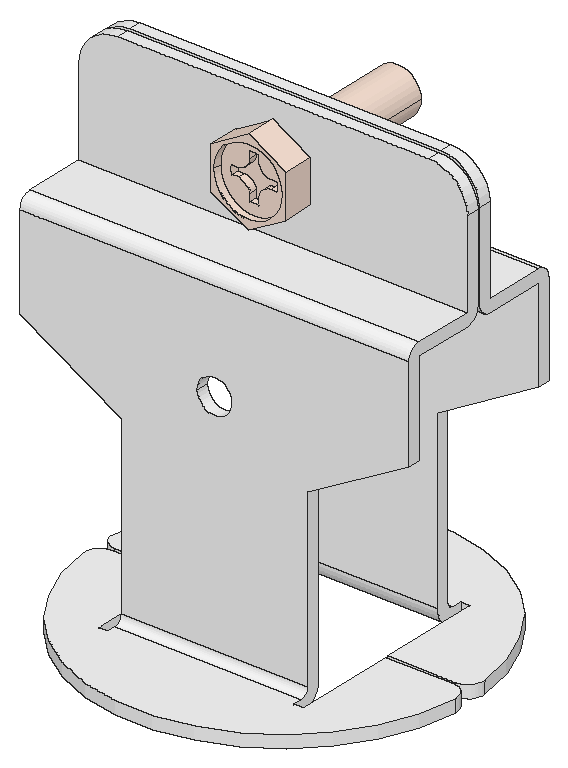
Revit family "Revolveクリップ(C40用)", category 機械設備, Revit 2022
Family settings
  丸型コネクタ寸法 = 直径を使用
  種別 = なし
  パーツ タイプ = 標準
  作業面ベース = いいえ
  常に垂直 = はい
  ロード時にボイドで切り取り = いいえ
  注釈の向きを維持 = いいえ
  共有 = いいえ
  部屋計算ポイント = いいえ
Parameters
  製造元 = "株式会社桐井製作所"
  既定の高さ = 0 mm
  URL = "https://www.kirii.co.jp/"
  K_許容荷重(鉛直)(N) = 320
  K_品名 = "Revolveクリップ(C40用)"
  K_名称 = "クリップ"
  K_入数 = "100"
  K_バージョン情報 = "20250901"
Reference planes
  plane 1 "中心(正面/背面)": y = 0
  plane 2: z = 0
  plane 3 "中心(左/右)": x = 0
  plane 4: x = 24.999
  plane 5: x = -25.001
Forms (mm)
  Extrusion 1, void
    sketch origin (-25.001, 13.213, 3.69) x (1, 0, 0) y (0, 0, 1)
      loop
        circle (25.001, 28.2) r 2.251
    from 2.013 to 3.613
  Extrusion 2, void
    sketch origin (-25.001, -1.6, -0.1) x (1, 0, 0) y (0, 0, 1)
      loop
        line (0, 62.3) -> (0, 57.4)
        arc (0, 57.4) -> (1.499, 60.871) -> (4.999, 62.3) r 5
        line (4.999, 62.3) -> (0, 62.3)
    from -3.4 to -1.8
  Extrusion 3, solid
    sketch origin (-25.005, 0, 0.991) x (1, 0, 0) y (0, 0, 1)
      loop
        circle (25.005, 53.209) r 4.3
      loop
        circle (25.005, 53.209) r 3
    from -3.4 to -1.6
  Extrusion 4, void
    sketch origin (-25.001, -0.025, -0.21) x (1, 0, 0) y (0, 0, 1)
      loop
        circle (25, 54.399) r 3.5
    from -1.825 to -0.225
  Extrusion 5, solid
    sketch origin (-25.001, -0.4, 0) x (0, -1, 0) y (0, 0, -1)
      loop
        line (-0.6, -62.2) -> (-0.6, -46.2)
        arc (-0.6, -46.2) -> (-1.069, -45.069) -> (-2.2, -44.6) r 1.6
        line (-2.2, -44.6) -> (-10, -44.6) -> (-10, -2.5)
        arc (-10, -2.5) -> (-10.768, -0.697) -> (-12.6, -0.002) r 2.5
        line (-12.6, -0.002) -> (-12.6, -1.6)
        arc (-12.6, -1.6) -> (-11.893, -1.893) -> (-11.6, -2.6) r 1
        line (-11.6, -2.6) -> (-11.6, -44.6)
        arc (-11.6, -44.6) -> (-11.131, -45.731) -> (-10, -46.2) r 1.6
        line (-10, -46.2) -> (-2.2, -46.2) -> (-2.2, -62.2) -> (-0.6, -62.2)
    from 0 to 50
  Extrusion 6, solid
    sketch origin (0, 0, 0) x (1, 0, 0) y (0, 1, 0)
      loop
        arc (23.905, 2.382) -> (0.004, 24.2) -> (-23.896, 2.382) r 24
        arc (-23.896, 2.382) -> (-23.382, 0.852) -> (-21.905, 0.2) r 2
        line (-21.905, 0.2) -> (21.913, 0.2)
        arc (21.913, 0.2) -> (23.39, 0.852) -> (23.905, 2.382) r 2
    from 0 to 1.6
  Extrusion 7, void
    sketch origin (-25.001, 14.825, 0) x (1, 0, 0) y (0, 0, 1)
      loop
        line (0, 32.597) -> (0, -0.495) -> (13, -0.495) -> (13, 25.092) -> (0, 32.597)
    from 2.625 to 5.741
  Extrusion 8, void
    sketch origin (24.999, 14.825, 0) x (-1, 0, 0) y (0, 0, -1)
      loop
        line (0, -32.597) -> (13, -25.092) -> (13, 0.495) -> (0, 0.495) -> (0, -32.597)
    from 2.625 to 5.741
  Extrusion 9, void
    sketch origin (-183.265, 0.2, 0) x (1, 0, 0) y (0, 1, 0)
      loop
        line (171.269, 13.2) -> (170.069, 13.2) -> (170.069, 0) -> (196.469, 0) -> (196.469, 13.2) -> (195.269, 13.2) -> (195.269, 12) -> (171.269, 12) -> (171.269, 13.2)
    from 0 to 1.6
  Extrusion 10, void
    sketch origin (25.001, -1.6, -0.1) x (-1, 0, 0) y (0, 0, -1)
      loop
        line (0, -62.3) -> (4.999, -62.3)
        arc (4.999, -62.3) -> (1.499, -60.871) -> (0, -57.4) r 5
        line (0, -57.4) -> (0, -62.3)
    from -3.4 to -1.8
  Extrusion 11, void
    sketch origin (-25.001, -13.213, 3.69) x (1, 0, 0) y (0, 0, -1)
      loop
        circle (25.001, -28.2) r 2.251
    from 2.013 to 3.613
  Extrusion 12, void
    sketch origin (-25.001, 1.6, -0.1) x (1, 0, 0) y (0, 0, -1)
      loop
        line (0, -62.3) -> (4.999, -62.3)
        arc (4.999, -62.3) -> (1.499, -60.871) -> (0, -57.4) r 5
        line (0, -57.4) -> (0, -62.3)
    from -3.4 to -1.8
  Extrusion 13, void
    sketch origin (-25.001, 0.025, -0.21) x (1, 0, 0) y (0, 0, -1)
      loop
        circle (25, -54.399) r 3.5
    from -1.825 to -0.225
  Extrusion 14, solid
    sketch origin (-25.001, 0.4, 0) x (0, 1, 0) y (0, 0, 1)
      loop
        line (-0.6, 62.2) -> (-2.2, 62.2) -> (-2.2, 46.2) -> (-10, 46.2)
        arc (-10, 46.2) -> (-11.131, 45.731) -> (-11.6, 44.6) r 1.6
        line (-11.6, 44.6) -> (-11.6, 2.6)
        arc (-11.6, 2.6) -> (-11.893, 1.893) -> (-12.6, 1.6) r 1
        line (-12.6, 1.6) -> (-12.6, 0.002)
        arc (-12.6, 0.002) -> (-10.768, 0.697) -> (-10, 2.5) r 2.5
        line (-10, 2.5) -> (-10, 44.6) -> (-2.2, 44.6)
        arc (-2.2, 44.6) -> (-1.069, 45.069) -> (-0.6, 46.2) r 1.6
        line (-0.6, 46.2) -> (-0.6, 62.2)
    from 0 to 50
  Extrusion 15, void
    sketch origin (24.999, -14.825, 0) x (-1, 0, 0) y (0, 0, 1)
      loop
        line (0, 32.597) -> (0, -0.495) -> (13, -0.495) -> (13, 25.092) -> (0, 32.597)
    from 2.625 to 5.741
  Extrusion 16, void
    sketch origin (-183.265, -0.2, 0) x (1, 0, 0) y (0, 1, 0)
      loop
        line (171.269, -13.2) -> (171.269, -12) -> (195.269, -12) -> (195.269, -13.2) -> (196.469, -13.2) -> (196.469, 0) -> (170.069, 0) -> (170.069, -13.2) -> (171.269, -13.2)
    from 0 to 1.6
  Extrusion 17, void
    sketch origin (25.001, 1.6, -0.1) x (-1, 0, 0) y (0, 0, 1)
      loop
        line (0, 62.3) -> (0, 57.4)
        arc (0, 57.4) -> (1.499, 60.871) -> (4.999, 62.3) r 5
        line (4.999, 62.3) -> (0, 62.3)
    from -3.4 to -1.8
  Extrusion 18, void
    sketch origin (-24.999, -14.825, 0) x (1, 0, 0) y (0, 0, -1)
      loop
        line (0, -32.597) -> (13, -25.092) -> (13, 0.495) -> (0, 0.495) -> (0, -32.597)
    from 2.625 to 5.741
  Extrusion 19, solid
    sketch origin (0, 0, 0) x (1, 0, 0) y (0, 1, 0)
      loop
        arc (23.905, -2.382) -> (23.39, -0.852) -> (21.913, -0.2) r 2
        line (21.913, -0.2) -> (-21.905, -0.2)
        arc (-21.905, -0.2) -> (-23.382, -0.852) -> (-23.896, -2.382) r 2
        arc (-23.896, -2.382) -> (0.004, -24.2) -> (23.905, -2.382) r 24
    from 0 to 1.6
Cuts and joins
  Extrusion 1, Extrusion 2, Extrusion 4, Extrusion 7, Extrusion 8, Extrusion 10, Extrusion 11, Extrusion 12, Extrusion 13, Extrusion 15 cuts Extrusion 5
  Extrusion 9, Extrusion 15, Extrusion 16 cuts Extrusion 6
  joined: Extrusion 5, Extrusion 6
  Extrusion 13 cuts Extrusion 3
  Extrusion 11, Extrusion 12, Extrusion 15, Extrusion 17, Extrusion 18 cuts Extrusion 14
  Extrusion 16 cuts Extrusion 19
  joined: Extrusion 14, Extrusion 19
Dimensions and locks
  aligned and locked: level to plane 2
Nested families
  nested 1: "M6×20ボルト" at (0.011, -1.8, 54.419), type "M6×20ボルト"
Definition of nested family "M6×20ボルト"
  Parameters (values of type "M6×20ボルト")
    Manufacturer = "株式会社桐井製作所"
    Default Elevation = 0 mm
    URL = "https://www.kirii.co.jp/"
    K_材料規格 = "M6×L20"
    K_品名 = "M6×20ボルト"
    K_名称 = "ボルト"
  Reference planes
    plane 1 "中心(正面/背面)": y = 0
    plane 2: z = 0
    plane 3 "中心(左/右)": x = 0
    plane 4 "正面": y = -4
  Forms (mm)
    Extrusion 1, solid
      sketch origin (0, 0, 0) x (1, 0, 0) y (0, 0, 1)
        loop
          line (-4.763, -2.946) -> (0, -5.696) -> (4.763, -2.946) -> (4.763, 2.554) -> (0, 5.304) -> (-4.763, 2.554) -> (-4.763, -2.946)
      from 0 to 4
    Extrusion 2, void
      sketch origin (0, -4, 0) x (-1, 0, 0) y (0, 0, 1)
        loop
          circle (0, -0.156) r 4.396
      from 0 to 1
    Extrusion 3, void
      sketch origin (0, -4, 0) x (-1, 0, 0) y (0, 0, 1)
        loop
          arc (-0.6, 1.814) -> (-1.069, 0.856) -> (-2.036, 0.404) r 1.605
          line (-2.036, 0.404) -> (-2.939, 0.404)
          arc (-2.939, 0.404) -> (-3, -0.195) -> (-2.94, -0.795) r 3
          line (-2.94, -0.795) -> (-2.049, -0.795)
          arc (-2.049, -0.795) -> (-1.074, -1.243) -> (-0.6, -2.206) r 1.605
          line (-0.6, -2.206) -> (-0.6, -3.135)
          arc (-0.6, -3.135) -> (0, -3.196) -> (0.6, -3.135) r 3
          line (0.6, -3.135) -> (0.6, -2.206)
          arc (0.6, -2.206) -> (1.074, -1.243) -> (2.049, -0.795) r 1.605
          line (2.049, -0.795) -> (2.94, -0.795)
          arc (2.94, -0.795) -> (3, -0.198) -> (2.941, 0.398) r 3
          line (2.941, 0.398) -> (2.117, 0.398)
          arc (2.117, 0.398) -> (1.098, 0.828) -> (0.6, 1.814) r 1.605
          line (0.6, 1.814) -> (0.6, 2.743)
          arc (0.6, 2.743) -> (0, 2.804) -> (-0.6, 2.743) r 3
          line (-0.6, 2.743) -> (-0.6, 1.814)
      from 0 to 2
    Extrusion 4, solid
      sketch origin (0, 0, 0) x (1, 0, 0) y (0, 0, 1)
        loop
          circle (-0.011, -0.2) r 3
      from 0 to -20
  Cuts and joins
    Extrusion 2, Extrusion 3 cuts Extrusion 1
    joined: Extrusion 1, Extrusion 4
  Dimensions and locks
    aligned and locked: level to plane 2
